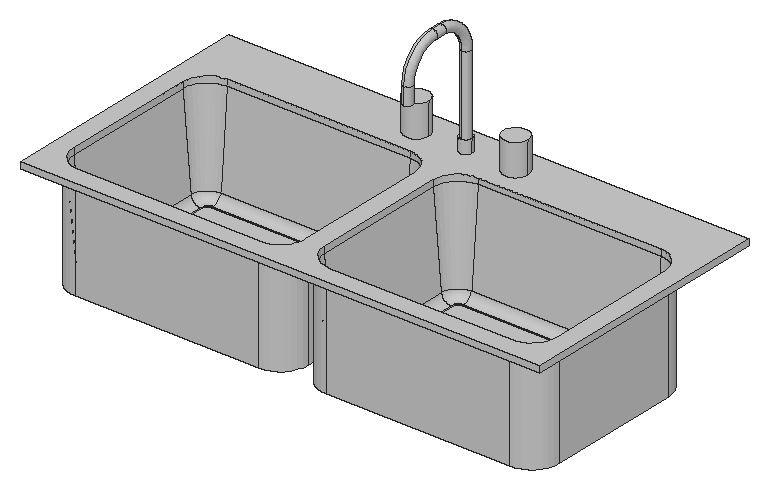
Revit family "dc92bdafb097454db687a189aff42d90", category Plumbing Fixtures, Revit 2021
Family settings
  Round Connector Dimension = Use Diameter
  Part Type = Normal
  OmniClass Number = 23.45.05.14.14
  OmniClass Title = Sinks/Lavatories
  Seek Item ID = Sink Kitchen-Double-0000-USA-ENU
  Work Plane-Based = No
  Always vertical = Yes
  Cut with Voids When Loaded = No
  Shared = Yes
  Room Calculation Point = No
Parameters (values of type "42" x 21"")
  Default Elevation = 0' - 0"
  Assembly Code = "D2010410"
  Counter Height = 3' - 0"
  Depth = 1' - 9"
  Faucet Material = Steel, Polished
  Sink Material = Steel, Polished
  Width = 3' - 6"
Reference planes (in)
  plane 1 "Center (Front/Back)": y = -1.40766
  plane 2: z = 0
  plane 3 "Center (Left/Right)": x = 0.61769
  plane 4: y = 10.59234
  plane 5: y = -10.40766
  plane 6: x = -20.38231
  plane 7: x = 21.61769
  plane 8 "Top Of Counter": z = 36
  plane 9: z = 36.5
  plane 10: z = 27.5
  plane 11: y = 6.09234
  plane 12: x = -18.88231
  plane 13: y = -8.90766
  plane 14: x = 20.11769
  plane 15: x = -3.38231
  plane 16: x = 4.61769
  plane 17: y = 8.34234
  plane 18: y = 8.34234
  plane 19: y = 8.34234
  plane 20: z = 46.375
  plane 21: y = 2.46734
  plane 22: z = 39
  plane 23: z = 37.5
  plane 24: x = -0.13231
  plane 25: x = 1.36769
  plane 26: x = -9.13231
  plane 27: x = 10.36769
  plane 28: z = 27.875
Forms (in)
  Extrusion 1, solid, material "Steel, Polished" <- "Sink Material"
    sketch origin (0, 0, 0) x (1, 0, 0) y (0, 1, 0)
      loop
        line (-20.38231, 10.59234) -> (-20.38231, -10.40766) -> (21.61769, -10.40766) -> (21.61769, 10.59234) -> (-20.38231, 10.59234)
      loop
        arc (-16.88231, 6.09234) -> (-18.29653, 5.50655) -> (-18.88231, 4.09234) r 2
        line (-18.88231, 4.09234) -> (-18.88231, -6.90766)
        arc (-18.88231, -6.90766) -> (-18.29653, -8.32187) -> (-16.88231, -8.90766) r 2
        line (-16.88231, -8.90766) -> (-2.13231, -8.90766)
        arc (-2.13231, -8.90766) -> (-0.7181, -8.32187) -> (-0.13231, -6.90766) r 2
        line (-0.13231, -6.90766) -> (-0.13231, 4.09234)
        arc (-0.13231, 4.09234) -> (-0.7181, 5.50655) -> (-2.13231, 6.09234) r 2
        line (-2.13231, 6.09234) -> (-16.88231, 6.09234)
      loop
        arc (18.11769, -8.90766) -> (19.5319, -8.32187) -> (20.11769, -6.90766) r 2
        line (20.11769, -6.90766) -> (20.11769, 4.09234)
        arc (20.11769, 4.09234) -> (19.5319, 5.50655) -> (18.11769, 6.09234) r 2
        line (18.11769, 6.09234) -> (3.36769, 6.09234)
        arc (3.36769, 6.09234) -> (1.95347, 5.50655) -> (1.36769, 4.09234) r 2
        line (1.36769, 4.09234) -> (1.36769, -6.90766)
        arc (1.36769, -6.90766) -> (1.95347, -8.32187) -> (3.36769, -8.90766) r 2
        line (3.36769, -8.90766) -> (18.11769, -8.90766)
    from 36 to 36.5
  Sweep 2, solid, material "Steel, Polished" <- "Sink Material"
    path origin (0, 0, 0) x (1, 0, 0) y (0, 1, 0)
      loop
        arc (-16.88231, 6.09234) -> (-18.29653, 5.50655) -> (-18.88231, 4.09234) r 2
        line (-18.88231, 4.09234) -> (-18.88231, -6.90766)
        arc (-18.88231, -6.90766) -> (-18.29653, -8.32187) -> (-16.88231, -8.90766) r 2
        line (-16.88231, -8.90766) -> (-2.13231, -8.90766)
        arc (-2.13231, -8.90766) -> (-0.7181, -8.32187) -> (-0.13231, -6.90766) r 2
        line (-0.13231, -6.90766) -> (-0.13231, 4.09234)
        arc (-0.13231, 4.09234) -> (-0.7181, 5.50655) -> (-2.13231, 6.09234) r 2
        line (-2.13231, 6.09234) -> (-16.88231, 6.09234)
    profile origin (-9.50731, 0, 0) x (0, 1, 0) y (0, 0, 1)
      loop
        line (6.09234, 36) -> (5.44139, 28.55963)
        arc (5.44139, 28.55963) -> (5.20094, 28.07204) -> (4.69424, 27.875) r 0.75
        line (4.69424, 27.875) -> (4.59234, 27.875) -> (4.59234, 27.5) -> (6.34234, 27.5) -> (6.34234, 36) -> (6.09234, 36)
  Extrusion 3, solid, material "Steel, Polished" <- "Sink Material"
    sketch origin (0, 0, 0) x (1, 0, 0) y (0, 1, 0)
      loop
        arc (-16.88231, 4.59234) -> (-17.23587, 4.44589) -> (-17.38231, 4.09234) r 0.5
        line (-17.38231, 4.09234) -> (-17.38231, -6.90766)
        arc (-17.38231, -6.90766) -> (-17.23587, -7.26121) -> (-16.88231, -7.40766) r 0.5
        line (-16.88231, -7.40766) -> (-2.13231, -7.40766)
        arc (-2.13231, -7.40766) -> (-1.77876, -7.26121) -> (-1.63231, -6.90766) r 0.5
        line (-1.63231, -6.90766) -> (-1.63231, 4.09234)
        arc (-1.63231, 4.09234) -> (-1.77876, 4.44589) -> (-2.13231, 4.59234) r 0.5
        line (-2.13231, 4.59234) -> (-16.88231, 4.59234)
      loop
        circle (-9.13231, -1.40766) r 1
    from 27.5 to 27.875
  Extrusion 4, solid, material "Steel, Polished" <- "Faucet Material"
    sketch origin (0, 0, 0) x (1, 0, 0) y (0, 1, 0)
      loop
        circle (-3.38231, 8.34234) r 1
      loop
        circle (4.61769, 8.34234) r 1
    from 36.5 to 39
  Sweep 5, solid, material "Steel, Polished" <- "Faucet Material"
    path origin (0.61769, 0, 0) x (0, 1, 0) y (0, 0, 1)
      loop
        line (8.34234, 36.5) -> (8.34234, 43.875)
        arc (8.34234, 43.875) -> (7.61011, 45.64277) -> (5.84234, 46.375) r 2.5
        line (5.84234, 46.375) -> (4.96734, 46.375)
        arc (4.96734, 46.375) -> (3.19957, 45.64277) -> (2.46734, 43.875) r 2.5
        line (2.46734, 43.875) -> (2.46734, 42.5)
    profile origin (0.61769, 0, 40.1875) x (0, -1, 0) y (1, 0, 0)
      loop
        circle (-8.34234, 0) r 0.375
  Extrusion 6, solid, material "Steel, Polished" <- "Faucet Material"
    sketch origin (0, 0, 0) x (1, 0, 0) y (0, 1, 0)
      loop
        circle (0.61769, 8.34234) r 0.5
    from 36.5 to 37.5
  Sweep 7, solid, material "Steel, Polished" <- "Sink Material"
    path origin (1.23537, 0, 0) x (-1, 0, 0) y (0, -1, 0)
      loop
        line (-16.88231, -6.09234) -> (-2.13231, -6.09234)
        arc (-2.13231, -6.09234) -> (-0.7181, -5.50655) -> (-0.13231, -4.09234) r 2
        line (-0.13231, -4.09234) -> (-0.13231, 6.90766)
        arc (-0.13231, 6.90766) -> (-0.7181, 8.32187) -> (-2.13231, 8.90766) r 2
        line (-2.13231, 8.90766) -> (-16.88231, 8.90766)
        arc (-16.88231, 8.90766) -> (-18.29653, 8.32187) -> (-18.88231, 6.90766) r 2
        line (-18.88231, 6.90766) -> (-18.88231, -4.09234)
        arc (-18.88231, -4.09234) -> (-18.29653, -5.50655) -> (-16.88231, -6.09234) r 2
    profile origin (10.74269, 0, 0) x (0, -1, 0) y (0, 0, 1)
      loop
        line (-6.09234, 36) -> (-6.34234, 36) -> (-6.34234, 27.5) -> (-4.59234, 27.5) -> (-4.59234, 27.875) -> (-4.69424, 27.875)
        arc (-4.69424, 27.875) -> (-5.20094, 28.07204) -> (-5.44139, 28.55963) r 0.75
        line (-5.44139, 28.55963) -> (-6.09234, 36)
  Extrusion 8, solid, material "Steel, Polished" <- "Sink Material"
    sketch origin (0, 0, 0) x (1, 0, 0) y (0, 1, 0)
      loop
        arc (3.36769, 4.69424) -> (3.01413, 4.5478) -> (2.86769, 4.19424) r 0.5
        line (2.86769, 4.19424) -> (2.86769, -6.90766)
        arc (2.86769, -6.90766) -> (3.01413, -7.26121) -> (3.36769, -7.40766) r 0.5
        line (3.36769, -7.40766) -> (18.11769, -7.40766)
        arc (18.11769, -7.40766) -> (18.47124, -7.26121) -> (18.61769, -6.90766) r 0.5
        line (18.61769, -6.90766) -> (18.61769, 4.19424)
        arc (18.61769, 4.19424) -> (18.47124, 4.5478) -> (18.11769, 4.69424) r 0.5
        line (18.11769, 4.69424) -> (3.36769, 4.69424)
      loop
        circle (10.36769, -1.40766) r 1
    from 27.5 to 27.875
Cuts and joins
  joined: Extrusion 1, Sweep 2, Sweep 7
  joined: Sweep 5, Extrusion 6
Lines and regions (in)
  Masking region 1
    outline origin (0, 0, 36) x (0, -1, 0) y (1, 0, 0)
      loop
        line (-10.59234, -20.38231) -> (10.40766, -20.38231) -> (10.40766, 21.61769) -> (-10.59234, 21.61769) -> (-10.59234, -20.38231)
  symbolic lines
    curve 1: line (-18.88231, 4.09234, 36) -> (-18.88231, -6.90766, 36)
    curve 2: line (-16.88231, -8.90766, 36) -> (-2.13231, -8.90766, 36)
    curve 3: line (20.11769, -6.90766, 36) -> (20.11769, 4.09234, 36)
    curve 4: line (18.11769, 6.09234, 36) -> (3.36769, 6.09234, 36)
    curve 5: arc (20.11769, 4.09234, 36) -> (19.5319, 5.50655, 36) -> (18.11769, 6.09234, 36) r 2
    curve 6: arc (18.11769, -8.90766, 36) -> (19.5319, -8.32187, 36) -> (20.11769, -6.90766, 36) r 2
    curve 7: arc (-18.88231, -6.90766, 36) -> (-18.29653, -8.32187, 36) -> (-16.88231, -8.90766, 36) r 2
    curve 8: arc (-16.88231, 6.09234, 36) -> (-18.29653, 5.50655, 36) -> (-18.88231, 4.09234, 36) r 2
    curve 9: arc (1.11769, 8.34234, 36) -> (0.61769, 8.84234, 36) -> (0.11769, 8.34234, 36) r 0.5
    curve 10: line (0.11769, 8.34234, 36) -> (0.11769, 0.59234, 36)
    curve 11: line (1.11769, 8.34234, 36) -> (1.11769, 0.59234, 36)
    curve 12: arc (1.11769, 0.59234, 36) -> (0.61769, 0.09234, 36) -> (0.11769, 0.59234, 36) r 0.5
    curve 13: line (-0.13231, 4.09234, 36) -> (-0.13231, -6.90766, 36)
    curve 14: line (1.36769, 4.09234, 36) -> (1.36769, -6.90766, 36)
    curve 15: line (3.36769, -8.90766, 36) -> (18.11769, -8.90766, 36)
    curve 16: line (-2.13231, 6.09234, 36) -> (-16.88231, 6.09234, 36)
    curve 17: arc (3.36769, 6.09234, 36) -> (1.95347, 5.50655, 36) -> (1.36769, 4.09234, 36) r 2
    curve 18: arc (1.36769, -6.90766, 36) -> (1.95347, -8.32187, 36) -> (3.36769, -8.90766, 36) r 2
    curve 19: arc (-0.13231, -6.90766, 36) -> (-0.7181, -8.32187, 36) -> (-2.13231, -8.90766, 36) r 2
    curve 20: arc (-0.13231, 4.09234, 36) -> (-0.7181, 5.50655, 36) -> (-2.13231, 6.09234, 36) r 2
    curve 21: arc (-10.13231, -1.40766, 36) -> (-9.13231, -0.40766, 36) -> (-8.13231, -1.40766, 36) r 1
    curve 22: arc (-8.13231, -1.40766, 36) -> (-9.13231, -2.40766, 36) -> (-10.13231, -1.40766, 36) r 1
    curve 23: arc (9.36769, -1.40766, 36) -> (10.36769, -0.40766, 36) -> (11.36769, -1.40766, 36) r 1
    curve 24: arc (11.36769, -1.40766, 36) -> (10.36769, -2.40766, 36) -> (9.36769, -1.40766, 36) r 1
    curve 25: arc (-4.38231, 8.34234, 36) -> (-3.38231, 7.34234, 36) -> (-2.38231, 8.34234, 36) r 1
    curve 26: arc (-2.38231, 8.34234, 36) -> (-3.38231, 9.34234, 36) -> (-4.38231, 8.34234, 36) r 1
    curve 27: arc (3.61769, 8.34234, 36) -> (4.61769, 7.34234, 36) -> (5.61769, 8.34234, 36) r 1
    curve 28: arc (5.61769, 8.34234, 36) -> (4.61769, 9.34234, 36) -> (3.61769, 8.34234, 36) r 1
Dimensions and locks (in)
  equal spacing: plane 6, plane 3 "Center (Left/Right)", plane 7
  "Width": plane 6 to plane 7
  "Depth": plane 5 to plane 4
  "Counter Height": plane 8 "Top Of Counter" to plane 2
  locked: plane 9 to plane 8 "Top Of Counter" at 0.5
  locked: plane 8 "Top Of Counter" to plane 10 at 8.5
  locked: plane 6 to plane 12 at 1.5
  locked: plane 14 to plane 7 at 1.5
  locked: plane 11 to plane 4 at 4.5
  locked: plane 5 to plane 13 at 1.5
  equal spacing: plane 11, plane 17, plane 4
  equal spacing: plane 11, plane 18, plane 4
  equal spacing: plane 4, plane 19, plane 11
  locked: plane 19 to plane 21 at 5.875
  locked: plane 20 to plane 9 at 9.875
  locked: plane 22 to plane 9 at 2.5
  locked: plane 23 to plane 9 at 1
  plane 24 to plane 3 "Center (Left/Right)" to plane 25 = 0' - 0 3/4" locked, 0' - 0 3/4" locked
  equal spacing: plane 12, plane 26, plane 3 "Center (Left/Right)"
  equal spacing: plane 3 "Center (Left/Right)", plane 27, plane 14
  equal spacing: plane 13, plane 1 "Center (Front/Back)", plane 11
  locked: plane 15 to plane 3 "Center (Left/Right)" at 4
  locked: plane 3 "Center (Left/Right)" to plane 16 at 4
  locked: plane 28 to plane 10 at 0.375
  aligned and locked: Extrusion 1 sketch curve to plane 5
  aligned and locked: plane 7 to Extrusion 1 sketch curve
  aligned and locked: plane 4 to Extrusion 1 sketch curve
  aligned and locked: Extrusion 1 sketch curve to plane 6
  aligned and locked: plane 8 "Top Of Counter" to Extrusion 1
  aligned and locked: Extrusion 1 to plane 9
  aligned and locked: plane 11 to Extrusion 1 sketch curve
  aligned and locked: plane 14 to Extrusion 1 sketch curve
  aligned and locked: Extrusion 1 sketch curve to plane 12
  aligned and locked: Extrusion 1 sketch curve to plane 13
  aligned and locked: plane 11 to Sweep 2 sketch curve
  aligned and locked: Sweep 2 sketch curve to plane 12
  aligned and locked: Sweep 2 sketch curve to plane 13
  aligned and locked: Sweep 2 to Extrusion 3 sketch curve  (x4)
  aligned and locked: plane 10 to Extrusion 3
  aligned and locked: Sweep 2 sketch curve to plane 10
  aligned and locked: plane 8 "Top Of Counter" to Sweep 2 sketch curve
  aligned and locked: Extrusion 4 to Extrusion 1
  aligned and locked: Extrusion 6 to Extrusion 1
  aligned and locked: Sweep 5 sketch curve to plane 19
  aligned and locked: plane 20 to Sweep 5 sketch curve
  aligned and locked: plane 21 to Sweep 5 sketch curve
  aligned and locked: Extrusion 4 to plane 22
  aligned and locked: Extrusion 6 to plane 23
  aligned and locked: Sweep 2 sketch curve to Extrusion 1
  aligned and locked: Sweep 7 sketch curve to plane 14
  aligned and locked: Sweep 7 sketch curve to Extrusion 1
  aligned and locked: Sweep 7 sketch curve to plane 11
  aligned and locked: plane 13 to Sweep 7 sketch curve
  aligned and locked: plane 10 to Extrusion 8
  aligned and locked: curve 21 to Extrusion 3
  aligned and locked: curve 23 to Extrusion 8
  aligned and locked: Extrusion 8 sketch curve to Sweep 7
  aligned and locked: Sweep 7 sketch curve to plane 8 "Top Of Counter"
  aligned and locked: plane 10 to Sweep 7 sketch curve
  aligned and locked: plane 4 to Masking region 1 sketch curve
  aligned and locked: plane 7 to Masking region 1 sketch curve
  aligned and locked: Masking region 1 sketch curve to plane 5
  aligned and locked: Masking region 1 sketch curve to plane 6
  aligned and locked: plane 15 to Extrusion 4 sketch curve
  aligned and locked: plane 17 to Extrusion 4 sketch curve  (x2)
  aligned and locked: plane 16 to Extrusion 4 sketch curve
  aligned and locked: curve 25 to Extrusion 4
  aligned and locked: curve 27 to Extrusion 4
  aligned and locked: Extrusion 3 to plane 28
  aligned and locked: Extrusion 8 to plane 28
Automatic sketch dimensions
  Sweep 2 sketch curve to profile plane = 0' - 0"
  profile plane to Sweep 2 sketch curve = 0' - 0.65095"
  Sweep 2 sketch curve to Sweep 2 sketch curve = 0' - 0.74715"
  Sweep 2 sketch curve to Sweep 2 sketch curve = 0' - 0.10191"
  Sweep 2 sketch curve to profile plane = 0' - 0 1/4"
  Sweep 2 sketch curve to Sweep 2 sketch curve = 0' - 0 3/8"
  Sweep 2 sketch curve to Sweep 2 sketch curve = 0' - 0.68463"
  plane 15 to Extrusion 4 sketch curve = 0' - 1"
  plane 16 to Extrusion 4 sketch curve = 0' - 1"
  Sweep 5 sketch curve to plane 3 "Center (Left/Right)" = 0' - 0"
  Sweep 5 sketch curve to profile plane = 0' - 0"
  profile plane to Sweep 5 sketch curve = 0' - 0 3/8"
  Extrusion 6 sketch curve to plane 18 = 0' - 0"
  Extrusion 6 sketch curve to plane 3 "Center (Left/Right)" = 0' - 0"
  Extrusion 6 sketch curve to plane 3 "Center (Left/Right)" = 0' - 0 1/2"
  Sweep 5 sketch curve to plane 9 = 0' - 0"
  Sweep 5 sketch curve to Sweep 5 sketch curve = 0' - 2 1/2"
  plane 11 to Sweep 5 sketch curve = 0' - 0 1/4"
  Sweep 5 sketch curve to Sweep 5 sketch curve = 0' - 1 3/8"
  Extrusion 1 sketch curve to plane 13 = 0' - 0"
  Extrusion 1 sketch curve to plane 24 = 0' - 0"
  Extrusion 1 sketch curve to plane 25 = 0' - 0"
  Extrusion 1 sketch curve to plane 11 = 0' - 0"
  Extrusion 1 sketch curve to plane 12 = 0' - 2"  (x2)
  Extrusion 1 sketch curve to plane 3 "Center (Left/Right)" = 0' - 2 3/4"  (x2)
  plane 3 "Center (Left/Right)" to Extrusion 1 sketch curve = 0' - 2 3/4"  (x2)
  plane 14 to Extrusion 1 sketch curve = 0' - 2"
  Extrusion 1 sketch curve to Extrusion 1 sketch curve = 0' - 2"
  Sweep 2 sketch curve to plane 12 = 0' - 2"  (x2)
  Sweep 2 sketch curve to plane 3 "Center (Left/Right)" = 0' - 2 3/4"  (x2)
  plane 14 to Sweep 7 sketch curve = 0' - 2"  (x2)
  Sweep 7 sketch curve to Sweep 7 sketch curve = 0' - 2"
  plane 3 "Center (Left/Right)" to Sweep 7 sketch curve = 0' - 2 3/4"
  Extrusion 3 sketch curve to plane 1 "Center (Front/Back)" = 0' - 0"
  Extrusion 3 sketch curve to plane 26 = 0' - 0"
  Extrusion 3 sketch curve to Extrusion 3 sketch curve = 0' - 0 1/2"  (x4)
  plane 26 to Extrusion 3 sketch curve = 0' - 1"
  Extrusion 8 sketch curve to plane 1 "Center (Front/Back)" = 0' - 0"
  Extrusion 8 sketch curve to plane 27 = 0' - 0"
  plane 27 to Extrusion 8 sketch curve = 0' - 1"
  plane 3 "Center (Left/Right)" to Extrusion 8 sketch curve = 0' - 2 3/4"  (x2)
  Extrusion 8 sketch curve to Extrusion 8 sketch curve = 0' - 0 1/2"  (x2)
  plane 11 to Extrusion 8 sketch curve = 0' - 1.89809"
  Extrusion 8 sketch curve to plane 13 = 0' - 2"
  plane 7 to Extrusion 8 sketch curve = 0' - 3 1/2"
  Sweep 7 sketch curve to profile plane = 0' - 0"
  profile plane to Sweep 7 sketch curve = 0' - 0 1/4"
  Sweep 7 sketch curve to profile plane = 0' - 0.65095"
  Sweep 7 sketch curve to Sweep 7 sketch curve = 0' - 0.74715"
  Sweep 7 sketch curve to Sweep 7 sketch curve = 0' - 0.10191"
  Sweep 7 sketch curve to Sweep 7 sketch curve = 0' - 0.06537"
  Sweep 7 sketch curve to Sweep 7 sketch curve = 0' - 1.05963"
  curve 20 to plane 11 = 0' - 0"
  curve 17 to plane 11 = 0' - 0"
  curve 5 to plane 14 = 0' - 0"
  curve 1 to plane 12 = 0' - 0"
  curve 12 to plane 3 "Center (Left/Right)" = 0' - 0"
  curve 7 to plane 13 = 0' - 0"
  curve 18 to plane 13 = 0' - 0"
  plane 4 to curve 11 = 0' - 2 1/4"
  plane 11 to curve 5 = 0' - 2"
  plane 11 to curve 8 = 0' - 2"
  curve 13 to plane 3 "Center (Left/Right)" = 0' - 0 3/4"
  curve 14 to curve 13 = 0' - 0"
  curve 11 to plane 1 "Center (Front/Back)" = 0' - 2"
  plane 3 "Center (Left/Right)" to curve 14 = 0' - 0 3/4"
  curve 14 to plane 13 = 0' - 2"
  curve 13 to curve 14 = 0' - 0"
  curve 1 to plane 13 = 0' - 2"
  curve 6 to plane 13 = 0' - 2"
  curve 9 to plane 3 "Center (Left/Right)" = 0' - 0 1/2"
  curve 4 to curve 27 = 0' - 0 1/4"
